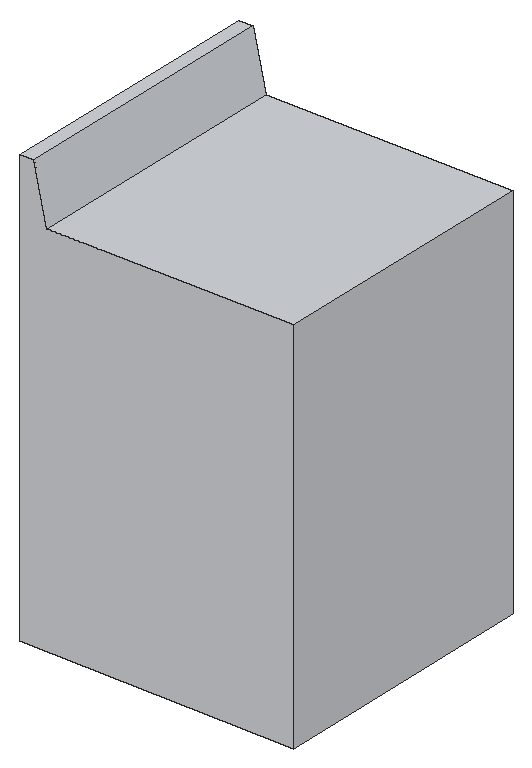
Revit family "Washing Machine", category Plumbing Fixtures, Revit 2023
Family settings
  Round Connector Dimension = Use Radius
  Part Type = Normal
  OmniClass Number = 23.45.70.11.11.11
  OmniClass Title = Washing Machines
  Work Plane-Based = No
  Enable Cutting in Views = No
  Always vertical = Yes
  Cut with Voids When Loaded = No
  Maintain Annotation Orientation = No
  Shared = No
  Room Calculation Point = No
Parameters (values of type "26"x26" - Public")
  Sanitary Radius = 1"
  Sanitary Diameter = Sanitary Radius * 2  # 2"
  Washing Machine Material = none
  Washing Machine Width = 2' - 2"
  Washing Machine Length = 2' - 2"
  Washing Machine Height = 3' - 0"
  WFU = 3
  Voltage = 120 V
  Number of Poles = 1
  Load Classification = Electric Clothes Dryer
  Hot Water Radius = 1/2"
  Hot Water Diameter = Hot Water Radius * 2  # 1"
  Half Washing Machine Width = Washing Machine Width / 2  # 1' - 1"
  HWFU = 2.25
  Flow Pressure [instance] = 8.00 psi
  Default Elevation = 0' - 0"
  Cold Water Radius = 1/2"
  Cold Water Diameter = Cold Water Radius * 2  # 1"
  CWFU = 2.25
  Assembly Code = ""
  Apparent Load = 600 VA
Types (4): name | Washing Machine Width | WFU | Half Washing Machine Width | HWFU | CWFU
  26"x26" - Private | 2' - 2" | 2 | 1' - 1" | 1 | 1
  26"x30" - Private | 2' - 6" | 2 | 1' - 3" | 1 | 1
  26"x26" - Public | 2' - 2" | 3 | 1' - 1" | 2.25 | 2.25
  26"x30" - Public | 2' - 6" | 3 | 1' - 3" | 2.25 | 2.25
Reference planes (in)
  plane 1 "Center (Front/Back)": y = 0
  plane 2: z = 0
  plane 3 "Center (Left/Right)": x = 0
  plane 4: y = 13
  plane 5: y = -13
  plane 6: x = 26
  plane 7: x = 1.3125
  plane 8: x = 2.59375
  plane 9: z = 36
  plane 10: z = 41.40625
Forms (in)
  Extrusion 1, solid, material <- "Washing Machine Material"
    sketch origin (0, 0, 0) x (1, 0, 0) y (0, 0, 1)
      loop
        line (26, 36) -> (2.59375, 36) -> (1.3125, 41.40625) -> (0, 41.40625) -> (0, 0) -> (26, 0) -> (26, 36)
    from -13 to 13
Dimensions and locks (in)
  "Half Washing Machine Width": plane 4 to plane 1 "Center (Front/Back)"
  "Half Washing Machine Width": plane 5 to plane 1 "Center (Front/Back)"
  "Washing Machine Length": plane 3 "Center (Left/Right)" to plane 6
  locked: plane 3 "Center (Left/Right)" to plane 7 at 1.3125
  locked: plane 7 to plane 8 at 1.28125
  "Washing Machine Height": plane 2 to plane 9
  locked: plane 10 to plane 9 at 5.40625
  locked: plane 1 "Center (Front/Back)" to connector elem at 4
  locked: plane 9 to connector elem at 12  (x2)
  locked: connector elem to plane 1 "Center (Front/Back)" at 4
  locked: level to connector elem at 4
  connector elem to plane 9 = 2' - 8"
  locked: connector elem to plane 1 "Center (Front/Back)" at 9.125
  aligned and locked: plane 6 to Extrusion 1 sketch curve
  aligned and locked: plane 9 to Extrusion 1 sketch curve
  aligned and locked: Extrusion 1 sketch curve to plane 3 "Center (Left/Right)"
  aligned and locked: plane 10 to Extrusion 1 sketch curve
  aligned and locked: plane 7 to Extrusion 1 sketch curve
  aligned and locked: plane 8 to Extrusion 1 sketch curve
  aligned and locked: Extrusion 1 to plane 5
  aligned and locked: plane 4 to Extrusion 1
Automatic sketch dimensions
  Extrusion 1 sketch curve to level = 0' - 0"
Connectors (in)
  piping at (0, 4, 24), diameter 1, driven by "Cold Water Radius", driven by "CWFU", driven by "Flow Pressure"
    settings: on plane 3 "Center (Left/Right)", index 1, connector inside diameter 1", connector length 0' - 0", flow factor 0, pipe flow 0 GPM, pressure drop 8.00 psi, fitting loss kfactor 0, connector angle 0.00°, fixture units 2.25, engagement length 0' - 0", angle of deflection 0.00°, flow configuration 3, flow direction 1, fitting loss method 4, system type 20, joint type 0, gender type 0, connector reference index -1, connector utility 0, adjustable connector no, is connector primary yes, connector description "In"
  piping at (0, -4, 24), diameter 1, driven by "Hot Water Radius", driven by "Flow Pressure", driven by "HWFU"
    settings: on plane 3 "Center (Left/Right)", index 2, connector inside diameter 1", connector length 0' - 0", flow factor 0, pipe flow 0 GPM, pressure drop 8.00 psi, fitting loss kfactor 0, connector angle 0.00°, fixture units 2.25, engagement length 0' - 0", angle of deflection 0.00°, flow configuration 3, flow direction 1, fitting loss method 4, system type 19, joint type 0, gender type 0, connector reference index -1, connector utility 0, adjustable connector no, is connector primary no, connector description "In"
  piping at (0, 0, 4), diameter 2, driven by "WFU", driven by "Sanitary Radius"
    settings: on plane 3 "Center (Left/Right)", index 3, connector inside diameter 2", connector length 0' - 0", flow factor 0, pipe flow 0 GPM, pressure drop 0.00 psi, fitting loss kfactor 0, connector angle 0.00°, fixture units 3, engagement length 0' - 0", angle of deflection 0.00°, flow configuration 3, flow direction 2, fitting loss method 0, system type 16, joint type 0, gender type 0, connector reference index -1, connector utility 0, adjustable connector yes, is connector primary no, connector description "Out"
  electrical at (0, -9.125, 4), driven by "Voltage", driven by "Apparent Load", driven by "Number of Poles", driven by "Apparent Load", driven by "Load Classification"
    settings: on plane 3 "Center (Left/Right)", index 4, voltage 120 V, apparent load 600 VA, apparent load phase1 600 VA, apparent load phase2 0 VA, apparent load phase3 0 VA, power factor 0.8, load classification "Electric Clothes Dryer", number of poles 1, system type 30, power factor state 1, is connector primary yes, connector utility no, sub classification motor no, connector description ""
